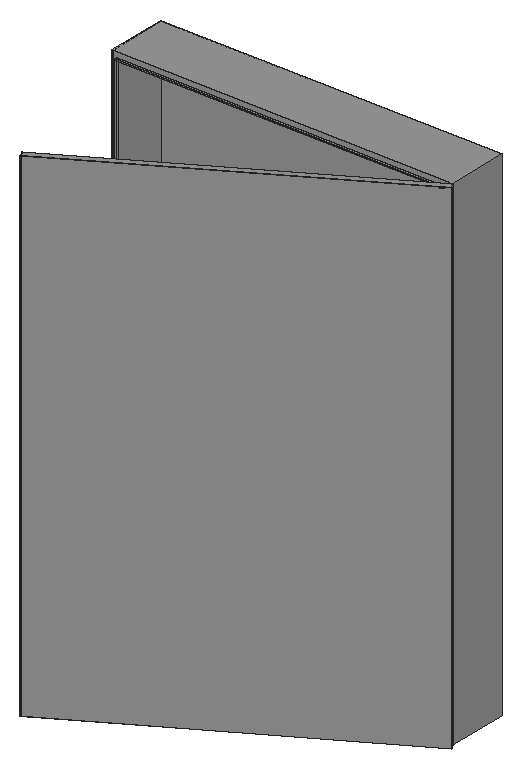
Revit family "Hager-Univers-IP54-D205-H550-Cl.I-Encl-NoHosted-CH-de", category Equipement électrique, Revit 2020
Family settings
  Configuration du panneau = Deux colonnes, circuits au sein
  Cote de connecteur circulaire = Utiliser le diamètre
  Type d'élément = Tableau de raccordement
  Basée sur le plan de construction = Oui
  Toujours verticalement = Oui
  Couper avec des vides une fois chargée = Non
  Partagée = Non
  Point de calcul de pièce = Non
Parameters (values of type "Aufputz IP54 B1050 H1550 T205  - FP04TW2")
  Width Control [instance] = if([EF000008 - Breite] > Min Width, [EF000008 - Breite], Min Width)  # 1050 mm
  Commentaires du type = [HG000003 - Bereich]  # "Univers"
  Thickness Door [instance] = if([EF009171 - Materialstärke Tür/Deckel] > 3 mm, 3 mm, [EF009171 - Materialstärke Tür/Deckel])  # 1 mm
  Seal Frame Offset [instance] = 17 mm  # constant formula
  Plinth Visibility [instance] = [HG000027 - Sockelhöhe] > 0 mm  # no
  Min Width [instance] = 100 mm  # constant formula
  Min Depth [instance] = (2 * [EF009170 - Materialstärke Gehäuse]) + 1 mm  # 3 mm
  Min Height [instance] = 100 mm  # constant formula
  Internal Frame Depth [instance] = (Door System Depth * 0.5)  # 9 mm
  Panel Name [instance] = ""  # (empty or 0)
  Model = ""
  HG000027 - Sockelhöhe = 0 mm
  HG000026 - Stehend auf dem Boden = no
  HG000024 - Höhe des unteren Teils = 600 mm
  HG000023 - Gehäuse mit doppeltem Querschnitt = no
  HG000016 - 3D-Türsichtbarkeit [instance] = yes
  HG000015 - Sichtbarkeit der Türöffnung [instance] = no
  HG000014 - Tür rechts [instance] = yes
  HG000013 - Tür links [instance] = not([HG000014 - Tür rechts])  # no
  HG000012 - Türschwenkwinkel [instance] = 30.00°
  HG000010 - Asymmetrische Türen = no
  HG000009 - Doppelflügeligen Tür = no
  HG000006 - Unterputz = no
  HG000004 - Herstellerreferenz = "FP04TW2"
  HG000003 - Bereich = "Univers"
  HG000002 - Mit tür = yes
  Frame Offset Bottom [instance] = 10 mm  # constant formula
  Frame Offset [instance] = 15 mm  # constant formula
  EF015940 - Deckel mit Überdruckentlastung = no
  EF011959 - Schutzart (NEMA) = ""
  EF009554 - Anzahl der Öffnungen für Flanschplatten = 8
  EF009212 - Ausführung Deckel = "EV000116 - geschlossen"
  EF009171 - Materialstärke Tür/Deckel = 1 mm
  EF009170 - Materialstärke Gehäuse = 1 mm
  EF008873 - Nennstrom (In) = 400 A
  EF007800 - Geeignet für Blitzschutz = no
  EF006306 - Mit Schloss = no
  EF006244 - Transparenter Deckel/Tür = no
  EF005474 - Schutzart (IP) = "EV006419 - IP54"
  EF004464 - Art der Tür = "EV003602 - Doppel"
  EF004427 - Anzahl der Module = 480
  EF004293 - Schlagfestigkeit = "EV006815 - IK09"
  EF003532 - Geeignet für Außengebrauch = no
  EF002950 - Breite in Teilungseinheiten = 48
  EF001613 - Funktionserhalt = "EV000494 - ohne"
  EF001596 - Werkstoff des Gehäuses = "EV000179 - Stahl"
  EF001131 - Innentiefe = 205 mm
  EF001088 - Anbaumöglichkeit = yes
  EF000437 - Anzahl der Leitungseinführungen = 8
  EF000339 - Art der Abdeckung = "EV001012 - Deckel"
  EF000266 - Anzahl der Reihen = 10
  EF000218 - Einbautiefe = 205 mm
  EF000118 - Mit Montageplatte = no
  EF000116 - RAL-Nummer = "9010"
  EF000049 - Tiefe = 205 mm
  EF000040 - Höhe = 1550 mm
  EF000008 - Breite = 1050 mm
  EF000007 - Farbe = "EV000202 - weiß"
  EF000003 - Montageart = "EV000384 - Aufputz"
  Door System Leaf Tolerance [instance] = 1.5 mm  # constant formula
  Door System Depth [instance] = 18 mm  # constant formula
  Door Height [instance] = Height Control - [HG000027 - Sockelhöhe]  # 1550 mm
  Description = ""
  Default Elevation = 1219.2 mm
  Connector Offset [instance] = Height Control / 2  # 775 mm
  Fabricant = "Hager"  # constant formula
  Height Control [instance] = if([EF000040 - Höhe] > Min Height, [EF000040 - Höhe], Min Height)  # 1550 mm
  Depth Control [instance] = if([EF000049 - Tiefe] > Min Depth, [EF000049 - Tiefe], Min Depth)  # 205 mm
  Bottom Top Plate Trim [instance] = 1.5 mm  # constant formula
  Plinth height Ctrl [instance] = if([HG000027 - Sockelhöhe] > 0 mm, [HG000027 - Sockelhöhe], 12 mm)  # 12 mm
Reference planes
  plane 1 "Center (Front/Back)": y = 0
  plane 2: z = 0
  plane 3 "Center (Left/Right)": x = 0
  plane 4: y = 0
  plane 5: y = 0
  plane 6: z = 0
  plane 7: x = -525
  plane 8: x = 525
  plane 9: x = 524
  plane 10: x = -524
  plane 11: z = 0
  plane 12: z = 1
  plane 13: y = -205
  plane 14: y = -1
  plane 15: x = 0
  plane 16: y = -187
  plane 17: y = -204
  plane 18: y = -186
  plane 19: x = -509
  plane 20: x = 509
  plane 21: z = 11
  plane 22: x = -508
  plane 23: x = 508
  plane 24: z = 0
  plane 25: z = 1550
  plane 26: z = 1550
  plane 27: z = 1534
  plane 28: z = 1549
Forms (mm)
  Extrusion 1, solid, material "Hager_Steel_RAL7035_Light_Grey", detail levels medium+fine
    sketch origin (-208.679, -4572, 0) x (-1, 0, 0) y (0, -1, 0)
      loop
        line (316.321, -4385) -> (-733.679, -4385) -> (-733.679, -4572) -> (316.321, -4572) -> (316.321, -4385)
    from 0 to 1550
  Extrusion 2, void
    sketch origin (-350.771, -205, 1219.2) x (1, 0, 0) y (0, 0, 1)
      loop
        line (-173.229, 329.8) -> (-173.229, -1218.2) -> (874.771, -1218.2) -> (874.771, 329.8) -> (-173.229, 329.8)
    from -19 to -204
  Extrusion 3, void
    sketch origin (-290.084, -187, 1219.2) x (1, 0, 0) y (0, 0, 1)
      loop
        line (-218.916, -1208.2) -> (799.084, -1208.2) -> (799.084, 314.8) -> (-218.916, 314.8) -> (-218.916, -1208.2)
    from 0 to -1
  Extrusion 4, solid, material "Hager_Steel_RAL7035_Light_Grey", visible <- "Plinth Visibility", detail levels medium+fine
    sketch origin (0, 0, 0) x (1, 0, 0) y (0, 1, 0)
      loop
        line (-525, 0) -> (-525, -187) -> (525, -187) -> (525, 0) -> (-525, 0)
    from 0 to 12 <- "Plinth height Ctrl"
  Extrusion 5, solid, material "Hager_Steel_RAL7035_Light_Grey", detail levels coarse
    sketch origin (0, 0, 0) x (1, 0, 0) y (0, 1, 0)
      loop
        line (-525, 0) -> (-525, -205) -> (525, -205) -> (525, 0) -> (-525, 0)
    from 0 to 1550 <- "Height Control"
  Sweep 6, void
    path in 3D
      loop
        line (-525, -187, 12) -> (525, -187, 12) -> (525, 0, 12) -> (-525, 0, 12) -> (-525, -187, 12)
    profile origin (-525, -93.5, 12) x (1, 0, 0) y (0, 0, 1)
      loop
        line (0, 0) -> (0, -1.5) -> (1.5, -1.5)
        arc (1.5, -1.5) -> (1.061, -0.439) -> (0, 0) r 1.5
  Extrusion 7, solid, material "Hager_Steel_RAL7035_Light_Grey", detail levels fine
    sketch origin (-525, -187, 0) x (1, 0, 0) y (0, 0, 1)
      loop
        line (16, 11) -> (1034, 11) -> (1034, 1534) -> (16, 1534) -> (16, 11)
      loop
        line (15, 10) -> (1035, 10) -> (1035, 1535) -> (15, 1535) -> (15, 10)
    from 0 to 9 <- "Internal Frame Depth"
Cuts and joins
  Extrusion 2, Extrusion 3 cuts Extrusion 1
  Sweep 6 cuts Extrusion 4
Lines and regions (mm)
  Masking region 1
    outline origin (0, 0, 0) x (1, 0, 0) y (0, 1, 0)
      loop
        line (-525, 0) -> (-525, -205) -> (525, -205) -> (525, 0) -> (-525, 0)
  Masking region 2, detail levels coarse
    outline origin (-290.084, -187, 1219.2) x (-1, 0, 0) y (0, 0, 1)
      loop
        line (-815.084, -1219.2) -> (234.916, -1219.2) -> (234.916, 330.8) -> (-815.084, 330.8) -> (-815.084, -1219.2)
  Masking region 3, detail levels coarse
    outline origin (0, 0, 0) x (0, 1, 0) y (0, 0, 1)
      loop
        line (0, 0) -> (0, 1550) -> (-205, 1550) -> (-205, 0) -> (0, 0)
  Masking region 4, visible <- "Plinth Visibility", detail levels medium+fine
    outline origin (0, 0, 0) x (0, 1, 0) y (0, 0, 1)
      loop
        line (-1.5, 12) -> (-185.5, 12)
        arc (-185.5, 12) -> (-185.939, 10.939) -> (-187, 10.5) r 1.5
        line (-187, 10.5) -> (-187, 0) -> (0, 0) -> (0, 10.5)
        arc (0, 10.5) -> (-1.061, 10.939) -> (-1.5, 12) r 1.5
  Masking region 5, detail levels medium+fine
    outline origin (0, 0, 594.038) x (0, 1, 0) y (0, 0, 1)
      loop
        line (0, -594.038) -> (0, 955.962) -> (-187, 955.962) -> (-187, -594.038) -> (0, -594.038)
  Masking region 6, detail levels medium+fine
    outline origin (-359.7, -187, 1211.883) x (-1, 0, 0) y (0, 0, 1)
      loop
        line (-884.7, -1211.883) -> (165.3, -1211.883) -> (165.3, 338.117) -> (-884.7, 338.117) -> (-884.7, -1211.883)
  Masking region 7, visible <- "Plinth Visibility", detail levels medium+fine
    outline origin (-320.334, -187, 1041.368) x (-1, 0, 0) y (0, 0, 1)
      loop
        line (-845.334, -1041.368) -> (204.666, -1041.368) -> (204.666, -1030.868)
        arc (204.666, -1030.868) -> (203.606, -1030.429) -> (203.166, -1029.368) r 1.5
        line (203.166, -1029.368) -> (-843.834, -1029.368)
        arc (-843.834, -1029.368) -> (-844.273, -1030.429) -> (-845.334, -1030.868) r 1.5
        line (-845.334, -1030.868) -> (-845.334, -1041.368)
  sketch lines
    curve 1: line (-525, 0, 12) -> (-525, -187, 12)
    curve 2: line (-525, -187, 12) -> (525, -187, 12)
    curve 3: line (525, 0, 12) -> (-525, 0, 12)
    curve 4: line (525, -187, 12) -> (525, 0, 12)
Dimensions and locks
  locked: plane 1 "Center (Front/Back)" to plane 5
  "EF009170 - Materialstärke Gehäuse": plane 7 to plane 10
  "EF009170 - Materialstärke Gehäuse": plane 8 to plane 9
  equal spacing: plane 7, plane 3 "Center (Left/Right)", plane 8
  "Width Control": plane 7 to plane 8
  "Depth Control": plane 4 to plane 13
  "EF009170 - Materialstärke Gehäuse": plane 4 to plane 14
  "Height Control": plane 25 to level
  "HG000027 - Sockelhöhe": plane 11 to level
  "EF009170 - Materialstärke Gehäuse": plane 12 to plane 11
  "EF009170 - Materialstärke Gehäuse": plane 17 to plane 13
  "EF009170 - Materialstärke Gehäuse": plane 18 to plane 16
  "Frame Offset Bottom": plane 21 to plane 12
  "Frame Offset": plane 10 to plane 19
  "Frame Offset": plane 9 to plane 20
  "Door System Depth": plane 16 to plane 13
  "Seal Frame Offset": plane 7 to plane 22
  "Seal Frame Offset": plane 8 to plane 23
  "EF009170 - Materialstärke Gehäuse": plane 26 to plane 28
  "Frame Offset": plane 28 to plane 27
  "Connector Offset": plane 2 to connector elem
  "Bottom Top Plate Trim": profile plane to Sweep 6 sketch curve
  "Bottom Top Plate Trim": Sweep 6 sketch curve to Sweep 6 sketch curve
  "Plinth height Ctrl": Masking region 4 sketch curve to level
  "Plinth height Ctrl": Masking region 7 sketch curve to level
  "Thickness Door": Extrusion 7 sketch curve to Extrusion 7 sketch curve  (x4)
  "Bottom Top Plate Trim": radius of Sweep 6 sketch curve
  "Bottom Top Plate Trim": radius of Masking region 4 sketch curve  (x2)
  "Bottom Top Plate Trim": radius of Masking region 7 sketch curve  (x2)
  aligned and locked: Extrusion 2 sketch curve to plane 12
  aligned and locked: Extrusion 2 sketch curve to plane 9
  aligned and locked: Extrusion 2 sketch curve to plane 10
  aligned and locked: Extrusion 2 to plane 14
  aligned and locked: Extrusion 1 sketch curve to plane 4
  aligned and locked: plane 8 to Extrusion 1 sketch curve
  aligned and locked: plane 7 to Extrusion 1 sketch curve
  aligned and locked: Extrusion 2 to plane 18
  aligned and locked: Extrusion 3 sketch curve to plane 19
  aligned and locked: plane 20 to Extrusion 3 sketch curve
  aligned and locked: Extrusion 3 to Extrusion 2
  aligned and locked: Extrusion 3 sketch curve to plane 21
  aligned and locked: plane 3 "Center (Left/Right)" to nested 1
  aligned and locked: Extrusion 1 sketch curve to plane 16
  aligned and locked: Extrusion 4 sketch curve to cut or joined group of Extrusion 1, Extrusion 2, Extrusion 3
  aligned and locked: Masking region 1 sketch curve to plane 7
  aligned and locked: Masking region 1 sketch curve to plane 5
  aligned and locked: Masking region 1 sketch curve to plane 8
  aligned and locked: Masking region 2 sketch curve to level
  aligned and locked: level to Masking region 3 sketch curve
  aligned and locked: plane 1 "Center (Front/Back)" to Masking region 3 sketch curve
  aligned and locked: plane 13 to Masking region 3 sketch curve
  aligned and locked: plane 5 to Masking region 4 sketch curve
  aligned and locked: Masking region 2 sketch curve to plane 8
  aligned and locked: Masking region 2 sketch curve to plane 7
  aligned and locked: plane 7 to nested 2
  aligned and locked: nested 2 to plane 5
  aligned and locked: plane 5 to Masking region 5 sketch curve
  aligned and locked: plane 26 to Masking region 5 sketch curve
  aligned and locked: Extrusion 5 sketch curve to plane 8
  aligned and locked: Extrusion 5 sketch curve to plane 7
  aligned and locked: Extrusion 5 sketch curve to plane 5
  aligned and locked: Extrusion 3 sketch curve to plane 27
  aligned and locked: Extrusion 2 sketch curve to plane 28
  aligned and locked: Masking region 2 to plane 25
  aligned and locked: Extrusion 4 to plane 16
  aligned and locked: profile plane to Sweep 6 sketch curve
  aligned and locked: Masking region 5 sketch curve to plane 24
  aligned and locked: level to Masking region 4 sketch curve
  aligned and locked: Masking region 1 to plane 13
  aligned and locked: nested 1 to plane 16
  aligned and locked: Masking region 3 to plane 25
  aligned and locked: plane 16 to Masking region 4 sketch curve
  aligned and locked: Masking region 5 sketch curve to plane 16
  aligned and locked: plane 24 to plane 11
  aligned and locked: plane 26 to plane 25
  aligned and locked: plane 26 to cut or joined group of Extrusion 1, Extrusion 2, Extrusion 3
  aligned and locked: nested 1 to plane 24
  aligned and locked: Extrusion 1 to Extrusion 3
  aligned and locked: Masking region 6 sketch curve to plane 8
  aligned and locked: Masking region 6 sketch curve to plane 24
  aligned and locked: Masking region 6 sketch curve to plane 7
  aligned and locked: Masking region 6 sketch curve to plane 26
  aligned and locked: Masking region 7 sketch curve to plane 7
  aligned and locked: level to Masking region 7 sketch curve
  aligned and locked: Masking region 7 sketch curve to plane 8
  aligned and locked: Extrusion 7 sketch curve to cut or joined group of Extrusion 1, Extrusion 2, Extrusion 3  (x4)
Automatic sketch dimensions
  plane 19 to Extrusion 3 sketch curve = 0 mm
  Extrusion 3 sketch curve to plane 20 = 0 mm
  Extrusion 3 sketch curve to plane 21 = 0 mm
  Extrusion 4 sketch curve to plane 7 = 0 mm
  Extrusion 4 sketch curve to plane 8 = 0 mm
  Extrusion 4 sketch curve to plane 16 = 0 mm
  Masking region 1 sketch curve to plane 13 = 0 mm
  Masking region 2 sketch curve to plane 25 = 0 mm
  Masking region 3 sketch curve to plane 25 = 0 mm
  Extrusion 5 sketch curve to plane 13 = 0 mm
  profile plane to Sweep 6 sketch curve = 0 mm
Nested families
  nested 1: "EC000058_Univers_Door" at (0, -187, 0), Double <- "HG000009 - Doppelflügeligen Tür", Transparent <- "EF006244 - Transparenter Deckel/Tür", Angle <- "HG000012 - Türschwenkwinkel", Door_Right <- "HG000014 - Tür rechts", Assymetrical <- "HG000010 - Asymmetrische Türen", Door <- "HG000002 - Mit tür", Width_Ctrl <- "Width Control", 3d_Door <- "HG000016 - 3D-Türsichtbarkeit", Clearance <- "HG000015 - Sichtbarkeit der Türöffnung", Door_Left <- "HG000013 - Tür links", Width <- "Width Control", Door_Depth <- "Door System Depth", Leaf_Tolerance <- "Door System Leaf Tolerance", Height <- "Door Height", Lock_Visibility <- "EF006306 - Mit Schloss", Thickness <- "Thickness Door", type "EC000058_Univers_Door", detail levels medium+fine
    with min_wh 3 mm, Width_Ctrl 1050 mm, Width 1050 mm, Transparent no, Thickness 1 mm, Seal_Material Hager_Rubber, Lock_Visibility no, Lock_Material Hager_Plastic_RAL9005_Jet_Black, Leaf_Width 1050 mm, Leaf_Tolerance_External_Sides 0 mm, Leaf_Tolerance 1.5 mm, Leaf_Offset 0 mm, Leaf_Height 1547 mm, Leaf_2_Width 1050 mm, Leaf_2_Offset 525 mm, Leaf_1_Width 1050 mm, Leaf_1_Offset 525 mm, Height_Ctrl 1550 mm, Height 1550 mm, Glass_Material Hager_Glass, Double_Clearance_Ctrl no, Double no, Door_Right_Ctrl yes, Door_Right yes, Door_Material Hager_Steel_RAL7035_Light_Grey, Door_Left_Ctrl no, Door_Left no, Door_Depth 18 mm, Door yes, Clearance_Material Hager_Clearance, Clearance_Depth 1050 mm, Clearance_Ctrl no, Clearance no, Assymetrical no, Angle 30.00°, 3d_Door yes
  nested 2: "Hager_Enclosure_Symbol" at (-525, 0, 0), Height <- "Depth Control", Width <- "Width Control", type "Hager_Enclosure_Symbol"
    with Width_Ctrl 1050 mm, Width 1050 mm, Height_Ctrl 205 mm, Height 205 mm, A_Width_Int 13.453 mm, A_Width 161.438 mm, A_Height_Ctrl 179.375 mm, A_Height 179.375 mm
Connectors
  electrical at (0, 0, 775)
    settings: on plane 1 "Center (Front/Back)", index 1, voltage 0 V, apparent load 0 VA, apparent load phase1 0 VA, apparent load phase2 0 VA, apparent load phase3 0 VA, power factor 1, load classification "Other", number of poles 1, system type 30, power factor state 1, is connector primary yes, connector utility no, sub classification motor no, connector description ""
Definition of nested family "EC000058_Univers_Door"
  Parameters (values of type "EC000058_Univers_Door")
    min_wh [instance] = (2 * Thickness) + 1 mm  # 11 mm
    Width_Ctrl [instance] = 400 mm
    Width [instance] = 500 mm
    Transparent [instance] = yes
    Thickness [instance] = 5 mm
    Seal_Material [instance] = none
    Lock_Visibility [instance] = yes
    Lock_Material [instance] = none
    Leaf_Width [instance] = if((Width_Ctrl - 2 * Leaf_Tolerance_External_Sides) > 0 mm, (Width_Ctrl - 2 * Leaf_Tolerance_External_Sides), min_wh)  # 400 mm
    Leaf_Tolerance_External_Sides [instance] = 0 mm  # constant formula
    Leaf_Tolerance [instance] = 1.5 mm
    Leaf_Offset [instance] = 0 mm  # constant formula
    Leaf_Height [instance] = if((Height_Ctrl - 2 * Leaf_Tolerance) > 0 mm, (Height_Ctrl - 2 * Leaf_Tolerance), min_wh)  # 497 mm
    Leaf_2_Width [instance] = if(and(and(Double, Assymetrical), Door_Left), (Leaf_Width / 3) - (Leaf_Tolerance / 2), if(and(and(Double, Assymetrical), Door_Right), (Leaf_Width / 3) * 2 - (Leaf_Tolerance / 2), if(and(Double, not(Assymetrical)), (Leaf_Width / 2) - Leaf_Tolerance, Leaf_Width)))  # 400 mm
    Leaf_2_Offset [instance] = if(and(Double, Assymetrical), Leaf_2_Width / 2, if(and(Double, not(Assymetrical)), Leaf_Width / 4, Leaf_Width / 2))  # 200 mm
    Leaf_1_Width [instance] = if(and(and(Double, Assymetrical), Door_Right), (Leaf_Width / 3) - (Leaf_Tolerance / 2), if(and(and(Double, Assymetrical), Door_Left), (Width / 3) * 2 - (Leaf_Tolerance / 2), if(and(Double, not(Assymetrical)), (Leaf_Width / 2) - Leaf_Tolerance, Leaf_Width)))  # 400 mm
    Leaf_1_Offset [instance] = if(and(Double, Assymetrical), Leaf_1_Width / 2, if(and(Double, not(Assymetrical)), Leaf_Width / 4, Leaf_Width / 2))  # 200 mm
    Height_Ctrl [instance] = if(Height > min_wh, Height, min_wh)  # 500 mm
    Height [instance] = 500 mm
    Glass_Material [instance] = none
    Double_Clearance_Ctrl [instance] = and(Double, Clearance)  # no
    Double [instance] = no
    Door_Right_Ctrl [instance] = and(or(Door_Right, Double), Door)  # yes
    Door_Right [instance] = yes
    Door_Material [instance] = none
    Door_Left_Ctrl [instance] = and(or(Door_Left, Double), Door)  # no
    Door_Left [instance] = no
    Door_Depth [instance] = 30 mm
    Door [instance] = yes
    Default Elevation = 1219.2 mm
    Clearance_Material [instance] = none
    Clearance_Depth [instance] = if(Leaf_1_Width > Leaf_2_Width, Leaf_1_Width, Leaf_2_Width)  # 400 mm
    Clearance_Ctrl [instance] = and(not(Double), Clearance)  # yes
    Clearance [instance] = yes
    Assymetrical [instance] = yes
    Angle [instance] = 30.00°
    3d_Door [instance] = yes
  Reference planes
    plane 1 "Center (Front/Back)": y = 0
    plane 2 "Bottom": z = 0
    plane 3 "Center (Left/Right)": x = 0
    plane 4: z = 500
    plane 5: x = -200
    plane 6: x = 200
    plane 7: z = 500
    plane 8: x = -200
    plane 9: z = 0
    plane 10: x = 200
    plane 11: y = 0
    plane 12: z = 1.5
    plane 13: x = -600
    plane 14: y = -400
    plane 15: x = 600
    plane 16: x = 0
    plane 17: x = 0
    plane 18: x = -200
    plane 19: x = 200
    plane 20: z = 498.5
  Forms (mm)
    Extrusion 1, solid, material <- "Clearance_Material", visible <- "Double_Clearance_Ctrl"
      sketch origin (1200, 0, 0) x (1, 0, 0) y (0, 0, -1)
        loop
          line (-1800, -498.5) -> (-600, -498.5) -> (-600, 0) -> (-1800, 0) -> (-1800, -498.5)
      from 0 to -400
  Dimensions and locks
    equal spacing: plane 5, plane 3 "Center (Left/Right)", plane 6
    "Width_Ctrl": plane 5 to plane 6
    "Leaf_Offset": plane 5 to plane 8
    "Leaf_Offset": plane 6 to plane 10
    "Leaf_Offset": plane 9 to level
    "Leaf_Offset": plane 4 to plane 7
    "Height_Ctrl": plane 4 to level
    "Leaf_Tolerance": plane 12 to plane 9
    locked: plane 11 to plane 1 "Center (Front/Back)"
    "Leaf_1_Offset": plane 18 to plane 16
    "Leaf_2_Offset": plane 17 to plane 19
    "Leaf_1_Width": plane 13 to plane 8
    "Leaf_2_Width": plane 10 to plane 15
    "Clearance_Depth": plane 14 to plane 1 "Center (Front/Back)"
    "Leaf_Tolerance_External_Sides": plane 8 to plane 18
    "Leaf_Tolerance_External_Sides": plane 19 to plane 10
    "Leaf_Tolerance": plane 7 to plane 20
    aligned and locked: level to plane 2 "Bottom"
    aligned and locked: nested 1 to plane 16
    aligned and locked: nested 2 to plane 17
    aligned and locked: Extrusion 1 to plane 13
    aligned and locked: plane 15 to Extrusion 1
    aligned and locked: Extrusion 1 to plane 14
    aligned and locked: plane 12 to nested 1
    aligned and locked: nested 2 to plane 12
    aligned and locked: Extrusion 1 to plane 11
    aligned and locked: plane 20 to Extrusion 1
    aligned and locked: nested 2 to plane 11
    aligned and locked: nested 1 to plane 11
  Automatic sketch dimensions
    Extrusion 1 sketch curve to level = 0 mm
    plane 5 to Extrusion 1 sketch curve = 400 mm
    plane 6 to Extrusion 1 sketch curve = 400 mm
    Extrusion 1 sketch curve to plane 4 = 1.5 mm
  Nested families
    nested 1: "EC000058_Univers_Door_Leaf" at (0, 0, 1.5), Width <- "Leaf_1_Width", visible <- "Door_Left_Ctrl", Leaf_Height <- "Leaf_Height", Angle <- "Angle", 3d_Door <- "3d_Door", Transparent <- "Transparent", Clearance Material <- "Clearance_Material", Clearance <- "Clearance_Ctrl", Door_Material <- "Door_Material", Glass_Material <- "Glass_Material", Door_Depth <- "Door_Depth", Lock_Material <- "Lock_Material", Seal_Material <- "Seal_Material", Lock_Visibility <- "Lock_Visibility", Thickness <- "Thickness", type "EC000058_Univers_Door_Leaf"
      with Width 400 mm, Transparent_Glass_Offset 30 mm, Transparent_Ctrl yes, Transparent yes, Thickness 5 mm, Standard no, Seal_Material none, Seal_D2 8 mm, Seal_D1 1 mm, Offset_Internal_Frame 10 mm, Lock_Width 20 mm, Lock_Visibility_3d yes, Lock_Visibility yes, Lock_Thickness_3 3 mm, Lock_Thickness_2 1 mm, Lock_Thickness_1 3 mm, Lock_Radius_Offset_2 16 mm, Lock_Radius_Offset_1 15 mm, Lock_Radius_2 5 mm, Lock_Radius 6 mm, Lock_Offset 5 mm, Lock_Material none, Lock_Height 80 mm, Lock_Cover_Top_Offset_2d 17 mm, Lock_Cover_Height -65 mm, Leaf_Height 497 mm, Internal_Seal_Thickness 8 mm, Internal_Seal_Depth_2 4.5 mm, Internal_Frame_Depth 25 mm, Glass_Thickness -1 mm, Glass_Offset -2 mm, Glass_Material none, Door_Material none, Door_Depth 30 mm, Clearance Material none, Clearance yes, Angle_Ctrl 30.00°, Angle 30.00°, 3d_Door yes
    nested 2: "EC000058_Univers_Door_Leaf" at (0, 0, 1.5) x (-1, 0, 0) z (0, 0, 1), Width <- "Leaf_2_Width", visible <- "Door_Right_Ctrl", Leaf_Height <- "Leaf_Height", Angle <- "Angle", 3d_Door <- "3d_Door", Transparent <- "Transparent", Clearance Material <- "Clearance_Material", Clearance <- "Clearance_Ctrl", Door_Material <- "Door_Material", Glass_Material <- "Glass_Material", Door_Depth <- "Door_Depth", Lock_Material <- "Lock_Material", Seal_Material <- "Seal_Material", Lock_Visibility <- "Lock_Visibility", Thickness <- "Thickness", type "EC000058_Univers_Door_Leaf"
      with Width 400 mm, Transparent_Glass_Offset 30 mm, Transparent_Ctrl yes, Transparent yes, Thickness 5 mm, Standard no, Seal_Material none, Seal_D2 8 mm, Seal_D1 1 mm, Offset_Internal_Frame 10 mm, Lock_Width 20 mm, Lock_Visibility_3d yes, Lock_Visibility yes, Lock_Thickness_3 3 mm, Lock_Thickness_2 1 mm, Lock_Thickness_1 3 mm, Lock_Radius_Offset_2 16 mm, Lock_Radius_Offset_1 15 mm, Lock_Radius_2 5 mm, Lock_Radius 6 mm, Lock_Offset 5 mm, Lock_Material none, Lock_Height 80 mm, Lock_Cover_Top_Offset_2d 17 mm, Lock_Cover_Height -65 mm, Leaf_Height 497 mm, Internal_Seal_Thickness 8 mm, Internal_Seal_Depth_2 4.5 mm, Internal_Frame_Depth 25 mm, Glass_Thickness -1 mm, Glass_Offset -2 mm, Glass_Material none, Door_Material none, Door_Depth 30 mm, Clearance Material none, Clearance yes, Angle_Ctrl 30.00°, Angle 30.00°, 3d_Door yes
  Definition of nested family "EC000058_Univers_Door_Leaf"
    Parameters (values of type "EC000058_Univers_Door_Leaf")
      Width [instance] = 2000 mm
      Transparent_Glass_Offset [instance] = 30 mm
      Transparent_Ctrl [instance] = and(Transparent, [3d_Door])  # yes
      Transparent [instance] = yes
      Thickness [instance] = 5 mm
      Standard [instance] = and(not(Transparent), [3d_Door])  # no
      Seal_Material [instance] = none
      Seal_D2 [instance] = 8 mm  # constant formula
      Seal_D1 [instance] = 1 mm  # constant formula
      Offset_Internal_Frame [instance] = 10 mm  # constant formula
      Lock_Width [instance] = 20 mm  # constant formula
      Lock_Visibility_3d [instance] = and(Lock_Visibility, [3d_Door])  # yes
      Lock_Visibility [instance] = yes
      Lock_Thickness_3 [instance] = 3 mm  # constant formula
      Lock_Thickness_2 [instance] = 1 mm  # constant formula
      Lock_Thickness_1 [instance] = 3 mm  # constant formula
      Lock_Radius_Offset_2 [instance] = Lock_Radius_Offset_1 + 1 mm  # 16 mm
      Lock_Radius_Offset_1 [instance] = 15 mm  # constant formula
      Lock_Radius_2 [instance] = Lock_Radius - 1 mm  # 5 mm
      Lock_Radius [instance] = 6 mm  # constant formula
      Lock_Offset [instance] = 5 mm  # constant formula
      Lock_Material [instance] = none
      Lock_Height [instance] = 80 mm  # constant formula
      Lock_Cover_Top_Offset_2d [instance] = Lock_Radius_Offset_2 + 1 mm  # 17 mm
      Lock_Cover_Height [instance] = -(Lock_Height - Lock_Radius_Offset_1)  # -65 mm
      Leaf_Height [instance] = 2720.336 mm
      Internal_Seal_Thickness [instance] = 8 mm  # constant formula
      Internal_Seal_Depth_2 [instance] = 4.5 mm  # constant formula
      Internal_Frame_Depth [instance] = if(Door_Depth - Thickness > 5 mm, Door_Depth - Thickness, 5 mm)  # 25 mm
      Glass_Thickness [instance] = if(Thickness > 15 mm, Glass_Offset + 10 mm, -1 mm)  # -1 mm
      Glass_Offset [instance] = if(Thickness > 15 mm, -(Thickness + 10 mm) / 2, -2 mm)  # -2 mm
      Glass_Material [instance] = none
      Door_Material [instance] = none
      Door_Depth [instance] = 30 mm
      Default Elevation = 0 mm
      Clearance Material [instance] = none
      Clearance [instance] = yes
      Angle_Ctrl [instance] = if(Angle > 180.00°, 180.00°, Angle)  # 90.00°
      Angle [instance] = 90.00°
      3d_Door [instance] = yes
    Reference planes
      plane 1 "Center (Front/Back)": y = 0
      plane 2: z = 0
      plane 3 "Center (Left/Right)": x = 0
      plane 4: y = 2000
      plane 5: x = -1000
      plane 6: x = 1000
      plane 7: x = -3000
      plane 8: z = 2720.336
      plane 9: z = 30
      plane 10: z = 2690.336
      plane 11: x = 970
      plane 12: x = -970
      plane 13: y = -3
      plane 14: z = 107.833
      plane 15: y = -5
      plane 16: y = -223.314
      plane 17: x = -1000
      plane 18: z = 1360.168
      plane 19: y = 30
    Forms (mm)
      Extrusion 1, solid, material <- "Clearance Material", visible <- "Clearance"
        sketch origin (0, 0, 0) x (1, 0, 0) y (0, 0, 1)
          loop
            line (-3000, 2720.336) -> (-3000, 0) -> (1000, 0) -> (1000, 2720.336) -> (-3000, 2720.336)
        from 0 to -2000
      Extrusion 2, solid, material <- "Door_Material", visible <- "Standard", detail levels medium+fine
        sketch origin (-1000, 0, 0) x (0, 1, 0) y (-1, 0, 0)
          loop
            line (0, 30) -> (0, 25) -> (2000, 25) -> (2000, 30) -> (0, 30)
        from 0 to 2720.336 <- "Leaf_Height"
      Extrusion 3, solid, material <- "Door_Material", visible <- "Transparent_Ctrl", detail levels medium+fine
        sketch origin (-1000, 0, 0) x (0, 1, 0) y (-1, 0, 0)
          loop
            line (0, 25) -> (2000, 25) -> (2000, 30) -> (0, 30) -> (0, 25)
        from 0 to 2720.336 <- "Leaf_Height"
      Extrusion 4, void
        sketch origin (-1025, 2000, 0) x (0, 1, 0) y (0, 0, -1)
          loop
            line (-30, -2690.336) -> (-30, -30) -> (-1970, -30) -> (-1970, -2690.336) -> (-30, -2690.336)
        from 0 to 5 <- "Thickness"
      Sweep 5, solid, material <- "Seal_Material", visible <- "Transparent_Ctrl", detail levels fine
        path in 3D
          loop
            line (-1025, 30, 30) -> (-1025, 30, 2690.336) -> (-1025, 1970, 2690.336) -> (-1025, 1970, 30) -> (-1025, 30, 30)
        profile origin (-1025, 1000, 30) x (1, 0, 0) y (0, 0, 1)
          loop
            line (0, 0) -> (0, -8) -> (1, -8) -> (1, 0) -> (0, 0)
      Extrusion 6, solid, material <- "Glass_Material", visible <- "Transparent_Ctrl", detail levels medium+fine
        sketch origin (-1030, 0, 0) x (0, 1, 0) y (0, 0, -1)
          loop
            line (1970, -2690.336) -> (1970, -30) -> (30, -30) -> (30, -2690.336) -> (1970, -2690.336)
        from -2 <- "Glass_Offset" to -1 <- "Glass_Thickness"
      Extrusion 7, solid, material <- "Door_Material", visible <- "3d_Door", detail levels medium+fine
        sketch origin (-1025, 2000, 0) x (0, -1, 0) y (0, 0, -1)
          loop
            line (0, -2720.336) -> (2000, -2720.336) -> (2000, 0) -> (0, 0) -> (0, -2720.336)
          loop
            line (1995, -5) -> (5, -5) -> (5, -2715.336) -> (1995, -2715.336) -> (1995, -5)
        from 0 to 25 <- "Internal_Frame_Depth"
      Sweep 8, solid, material <- "Seal_Material", visible <- "Transparent_Ctrl", detail levels fine
        path in 3D
          loop
            line (-1025, 0, 0) -> (-1025, 2000, 0) -> (-1025, 2000, 2720.336) -> (-1025, 0, 2720.336) -> (-1025, 0, 0)
        profile origin (-1025, 0, 1360.168) x (1, 0, 0) y (0, 1, 0)
          loop
            line (0, 10) -> (2.975, 10)
            arc (2.975, 10) -> (4.053, 10.447) -> (4.5, 11.525) r 1.525
            line (4.5, 11.525) -> (4.5, 16.527)
            arc (4.5, 16.527) -> (4.069, 17.569) -> (3.027, 18) r 1.473
            line (3.027, 18) -> (0, 18) -> (0, 10)
      Extrusion 9, solid, material <- "Lock_Material", visible <- "Lock_Visibility_3d", detail levels fine
        sketch origin (-1030, 0, 0) x (0, 1, 0) y (0, 0, -1)
          loop
            arc (1993.5, -1400.168) -> (1994.561, -1399.729) -> (1995, -1398.668) r 1.5
            line (1995, -1398.668) -> (1995, -1320.168) -> (1975, -1320.168) -> (1975, -1398.668)
            arc (1975, -1398.668) -> (1975.439, -1399.729) -> (1976.5, -1400.168) r 1.5
            line (1976.5, -1400.168) -> (1993.5, -1400.168)
        from 3 <- "Lock_Thickness_1" to 0
      Blend 10, solid, material <- "Lock_Material", visible <- "Lock_Visibility_3d", detail levels fine
        base sketch origin (-1033, 0, 0) x (0, 1, 0) y (0, 0, -1)
          loop
            line (1975, -1320.168) -> (1975, -1398.668)
            arc (1975, -1398.668) -> (1975.439, -1399.729) -> (1976.5, -1400.168) r 1.5
            line (1976.5, -1400.168) -> (1993.5, -1400.168)
            arc (1993.5, -1400.168) -> (1994.561, -1399.729) -> (1995, -1398.668) r 1.5
            line (1995, -1398.668) -> (1995, -1320.168) -> (1975, -1320.168)
        top sketch origin (-1033, 0, 0) x (0, 1, 0) y (0, 0, -1)
          loop
            line (1976, -1320.168) -> (1976, -1398.668)
            arc (1976, -1398.668) -> (1976.146, -1399.022) -> (1976.5, -1399.168) r 0.5
            line (1976.5, -1399.168) -> (1993.5, -1399.168)
            arc (1993.5, -1399.168) -> (1993.854, -1399.022) -> (1994, -1398.668) r 0.5
            line (1994, -1398.668) -> (1994, -1320.168) -> (1976, -1320.168)
        from 0 to 1 <- "Lock_Thickness_2"
      Blend 11, solid, material <- "Lock_Material", visible <- "Lock_Visibility_3d", detail levels fine
        base sketch origin (-1034, 0, 0) x (0, 1, 0) y (0, 0, -1)
          loop
            line (1978, -1320.168) -> (1978, -1384.168)
            arc (1978, -1384.168) -> (1985, -1391.168) -> (1992, -1384.168) r 7
            line (1992, -1384.168) -> (1992, -1320.168) -> (1978, -1320.168)
        top sketch origin (-1034, 0, 0) x (0, 1, 0) y (0, 0, -1)
          loop
            line (1991, -1320.168) -> (1979, -1320.168) -> (1979, -1383.168)
            arc (1979, -1383.168) -> (1985, -1389.168) -> (1991, -1383.168) r 6
            line (1991, -1383.168) -> (1991, -1320.168)
        from 0 to 3 <- "Lock_Thickness_3"
      Extrusion 12, solid, material <- "Lock_Material", visible <- "Lock_Visibility_3d", detail levels fine
        sketch origin (-1030, 1975, 1320.168) x (1, 0, 0) y (0, -1, 0)
          loop
            line (-7, -19) -> (-7, -1) -> (0, -1) -> (0, 0) -> (-8, 0) -> (-8, -20) -> (0, -20) -> (0, -19) -> (-7, -19)
        from 0 to -65 <- "Lock_Cover_Height"
      Extrusion 13, void
        sketch origin (-1038, 1995, 1320.168) x (-1, 0, 0) y (0, 0, -1)
          loop
            line (-5, -65) -> (0, -65) -> (-5, -60) -> (-5, -65)
        from 0 to 20 <- "Lock_Width"
      Extrusion 14, void
        sketch origin (-1038, 1975, 1320.168) x (0, -1, 0) y (0, 0, -1)
          loop
            circle (-10, -15.995) r 6
          loop
            circle (-10, -15.995) r 5
        from 0 to 2
      Extrusion 15, solid, material <- "Lock_Material", visible <- "Lock_Visibility_3d", detail levels medium
        sketch origin (-1030, 0, 0) x (0, 1, 0) y (0, 0, -1)
          loop
            arc (1993.5, -1400.168) -> (1994.561, -1399.729) -> (1995, -1398.668) r 1.5
            line (1995, -1398.668) -> (1995, -1320.168) -> (1975, -1320.168) -> (1975, -1398.668)
            arc (1975, -1398.668) -> (1975.439, -1399.729) -> (1976.5, -1400.168) r 1.5
            line (1976.5, -1400.168) -> (1993.5, -1400.168)
        from 8 to 0
    Cuts and joins
      Extrusion 4 cuts Extrusion 3
      Extrusion 13, Extrusion 14 cuts Extrusion 9
      Extrusion 14 cuts Blend 11
      Extrusion 13, Extrusion 14 cuts Extrusion 12
      joined: Extrusion 9, Blend 10, Blend 11, Extrusion 12
      Extrusion 14 cuts Extrusion 15
    Lines and regions (mm)
      Masking region 1, visible <- "Lock_Visibility", detail levels fine
        outline origin (0, 0, 0) x (0, 1, 0) y (0, 0, 1)
          loop
            line (30, 1320.168) -> (33, 1320.168) -> (33, 1400.168) -> (30, 1400.168) -> (30, 1320.168)
      Masking region 2, visible <- "Lock_Visibility", detail levels fine
        outline origin (0, 3.143, 0) x (0, 1, 0) y (0, 0, 1)
          loop
            line (29.857, 1354.168) -> (30.857, 1354.168) -> (30.857, 1366.168) -> (29.857, 1366.168) -> (29.857, 1354.168)
      Masking region 3, detail levels medium+fine
        outline origin (0, 0, 0) x (0, 1, 0) y (0, 0, 1)
          loop
            line (0, 0) -> (30, 0) -> (30, 2720.336) -> (0, 2720.336) -> (0, 0)
      Masking region 4, detail levels medium+fine
        outline origin (0, 0, 0) x (1, 0, 0) y (0, 0, 1)
          loop
            line (-1000, 2720.336) -> (-1000, 0) -> (1000, 0) -> (1000, 2720.336) -> (-1000, 2720.336)
      Masking region 5, visible <- "Lock_Visibility", detail levels fine
        outline origin (-47.116, 0, 0) x (1, 0, 0) y (0, 0, 1)
          loop
            arc (1024.616, 1399.168) -> (1023.556, 1398.729) -> (1023.116, 1397.668) r 1.5
            line (1023.116, 1397.668) -> (1023.116, 1320.168) -> (1041.116, 1320.168) -> (1041.116, 1397.668)
            arc (1041.116, 1397.668) -> (1040.677, 1398.729) -> (1039.616, 1399.168) r 1.5
            line (1039.616, 1399.168) -> (1024.616, 1399.168)
      Masking region 6, visible <- "Lock_Visibility", detail levels medium+fine
        outline origin (-25, 0, 0) x (1, 0, 0) y (0, 0, 1)
          loop
            arc (1001.5, 1400.168) -> (1000.439, 1399.729) -> (1000, 1398.668) r 1.5
            line (1000, 1398.668) -> (1000, 1320.168) -> (1020, 1320.168) -> (1020, 1398.668)
            arc (1020, 1398.668) -> (1019.561, 1399.729) -> (1018.5, 1400.168) r 1.5
            line (1018.5, 1400.168) -> (1001.5, 1400.168)
      Masking region 7, visible <- "Lock_Visibility", detail levels fine
        outline origin (-73.735, 0, 0) x (1, 0, 0) y (0, 0, 1)
          loop
            line (1051.735, 1382.168) -> (1065.735, 1382.168) -> (1065.735, 1384.168)
            arc (1065.735, 1384.168) -> (1058.735, 1391.168) -> (1051.735, 1384.168) r 7
            line (1051.735, 1384.168) -> (1051.735, 1382.168)
      Masking region 8, visible <- "Lock_Visibility", detail levels fine
        outline origin (-73.735, 0, 0) x (1, 0, 0) y (0, 0, 1)
          loop
            line (1052.735, 1382.168) -> (1064.735, 1382.168) -> (1064.735, 1383.168)
            arc (1064.735, 1383.168) -> (1058.735, 1389.168) -> (1052.735, 1383.168) r 6
            line (1052.735, 1383.168) -> (1052.735, 1382.168)
      Masking region 9, visible <- "Lock_Visibility", detail levels fine
        outline origin (-25, 0, 0) x (1, 0, 0) y (0, 0, 1)
          loop
            line (1020, 1320.168) -> (1020, 1382.168) -> (1000, 1382.168) -> (1000, 1320.168) -> (1020, 1320.168)
      Masking region 10, detail levels medium+fine
        outline origin (0, 0, 0) x (1, 0, 0) y (0, 0, 1)
          loop
            circle (985, 1335.144) r 6
      Masking region 11, detail levels fine
        outline origin (0, 0, 0) x (1, 0, 0) y (0, 0, 1)
          loop
            circle (985, 1335.144) r 5
      Masking region 12, visible <- "Lock_Visibility", detail levels fine
        outline origin (0, 12.767, 0) x (0, 1, 0) y (0, 0, 1)
          loop
            line (20.233, 1320.168) -> (21.233, 1320.168) -> (21.233, 1399.168) -> (20.233, 1400.168) -> (20.233, 1320.168)
      Masking region 13, visible <- "Lock_Visibility", detail levels fine
        outline origin (0, 13.767, -10) x (0, 1, 0) y (0, 0, 1)
          loop
            line (20.233, 1330.168) -> (23.233, 1330.168) -> (23.233, 1399.168) -> (20.233, 1402.168) -> (20.233, 1330.168)
      Masking region 14, visible <- "Lock_Visibility", detail levels fine
        outline origin (0, 12.767, -10) x (0, 1, 0) y (0, 0, 1)
          loop
            line (20.233, 1330.168) -> (25.233, 1330.168) -> (25.233, 1399.305) -> (20.233, 1394.305) -> (20.233, 1330.168)
      Masking region 15, visible <- "Lock_Visibility", detail levels medium
        outline origin (0, 0, 0) x (0, 1, 0) y (0, 0, 1)
          loop
            line (30, 1320.168) -> (38, 1320.168) -> (38, 1400.168) -> (30, 1400.168) -> (30, 1320.168)
      Masking region 16, visible <- "Lock_Visibility", detail levels fine
        outline origin (-1000, 0, 0) x (0, 1, 0) y (-1, 0, 0)
          loop
            line (1975, 30) -> (1995, 30) -> (1995, 38) -> (1975, 38) -> (1975, 30)
          loop
            line (1979, 37) -> (1976, 37) -> (1976, 34) -> (1978, 34) -> (1979, 37)
          loop
            line (1994, 37) -> (1991, 37) -> (1992, 34) -> (1994, 34) -> (1994, 37)
      Masking region 17, visible <- "Lock_Visibility", detail levels medium
        outline origin (-1000, 0, 0) x (0, 1, 0) y (-1, 0, 0)
          loop
            line (1975, 30) -> (1995, 30) -> (1995, 38) -> (1975, 38) -> (1975, 30)
      symbolic lines
        curve 1: line (1000, 0, 0) -> (-3000, 0, 0)
        curve 2: arc (1000, 0, 0) -> (-1000, 2000, 0) -> (-3000, 0, 0) r 2000
        curve 4: line (-1030, 0, 0) -> (-1030, 2000, 0)
      reference lines
        curve 3: line (-1000, 0, 0) -> (-1000, 2000, 0)
      symbolic lines, detail levels medium+fine
        curve 5: line (-1030, 2000, 0) -> (-1025, 2000, 0)
        curve 7: line (-1025, 0, 0) -> (-1030, 0, 0)
        curve 8: line (-1025, 0, 0) -> (-1000, 0, 0)
        curve 9: line (-1000, 0, 0) -> (-1000, 2000, 0)
        curve 10: line (-1000, 2000, 0) -> (-1025, 2000, 0)
      symbolic lines, detail levels fine
        curve 6: line (-1025, 2000, 0) -> (-1025, 0, 0)
      sketch lines
        curve 11: line (-1025, 0, 2720.336) -> (-1025, 0, 0)
        curve 12: line (-1025, 2000, 0) -> (-1025, 0, 0)
        curve 13: line (-1025, 2000, 2720.336) -> (-1025, 2000, 0)
        curve 14: line (-1025, 0, 2720.336) -> (-1025, 2000, 2720.336)
        curve 15: line (-1025, 1970, 30) -> (-1025, 30, 30)
        curve 16: line (-1025, 30, 30) -> (-1025, 30, 2690.336)
        curve 17: line (-1025, 1970, 2690.336) -> (-1025, 1970, 30)
        curve 18: line (-1025, 30, 2690.336) -> (-1025, 1970, 2690.336)
      symbolic lines, visible <- "Transparent", detail levels medium+fine
        curve 19: line (-970, 0, 2690.336) -> (970, 0, 2690.336)
        curve 20: line (-970, 0, 30) -> (-970, 0, 2690.336)
        curve 21: line (970, 0, 30) -> (-970, 0, 30)
        curve 22: line (970, 0, 2690.336) -> (970, 0, 30)
    Dimensions and locks
      "Width": plane 1 "Center (Front/Back)" to plane 4
      equal spacing: plane 5, plane 3 "Center (Left/Right)", plane 6
      "Width": plane 5 to plane 6
      "Width": plane 7 to plane 5
      "Leaf_Height": plane 8 to level
      "Width": curve 5 to curve 3
      "Width": curve 3 to curve 3
      plane 8 to plane 10 = 30 mm
      plane 9 to level = 30 mm
      plane 12 to plane 5 = 30 mm
      plane 6 to plane 11 = 30 mm
      Extrusion 1 to Extrusion 4 sketch curve = 30 mm
      "Transparent_Glass_Offset": curve 3 to Extrusion 4 sketch curve
      "Transparent_Glass_Offset": Extrusion 4 sketch curve to cut or joined group of Extrusion 3, Extrusion 4  (x2)
      cut or joined group of Extrusion 3, Extrusion 4 to Extrusion 6 sketch curve = 30 mm
      "Transparent_Glass_Offset": cut or joined group of Extrusion 3, Extrusion 4 to Extrusion 4 sketch curve
      "Thickness": curve 6 to curve 4
      "Thickness": Extrusion 7 sketch curve to Extrusion 7 sketch curve  (x4)
      "Door_Depth": curve 4 to curve 3
      "Offset_Internal_Frame": profile plane to Sweep 8 sketch curve
      "Internal_Seal_Thickness": Sweep 8 sketch curve to Sweep 8 sketch curve
      "Internal_Seal_Depth_2": profile plane to Sweep 8 sketch curve
      "Seal_D1": profile plane to Sweep 5 sketch curve
      "Seal_D2": profile plane to Sweep 5 sketch curve
      "Thickness": Extrusion 2 sketch curve to Extrusion 2 sketch curve
      equal spacing: Extrusion 9 sketch curve, plane 18, Extrusion 9 sketch curve  (x2)
      equal spacing: Masking region 1 sketch curve, plane 18, Masking region 1 sketch curve
      "Lock_Height": Masking region 1 sketch curve to Masking region 1 sketch curve
      "Lock_Radius": Masking region 2 sketch curve to plane 18 to Masking region 2 sketch curve
      Masking region 2 sketch curve to Masking region 1 = 1 mm
      "Door_Depth": plane 19 to plane 1 "Center (Front/Back)"
      "Lock_Thickness_1": Masking region 1 sketch curve to plane 19
      "Lock_Width": Extrusion 9 sketch curve to Extrusion 9 sketch curve
      "Lock_Height": Extrusion 9 sketch curve to Extrusion 9 sketch curve
      "Lock_Offset": cut or joined group of Extrusion 3, Extrusion 4 to Extrusion 9 sketch curve
      equal spacing: plane 8, plane 18, level
      "Lock_Radius_Offset_1": Blend 11 sketch curve to Blend 10
      locked: Blend 10 to Blend 11 sketch curve at 2  (x2)
      locked: var sketch to Blend 11 sketch curve at 1  (x2)
      "Lock_Radius_Offset_2": Blend 11 sketch curve to Blend 10
      locked: Extrusion 12 sketch curve to Extrusion 12 sketch curve at 1  (x3)
      Masking region 6 sketch curve to Masking region 6 sketch curve = 80 mm
      "Lock_Height": Masking region 6 sketch curve to Masking region 6 sketch curve
      "Lock_Width": Masking region 6 sketch curve to Masking region 6 sketch curve
      locked: Masking region 6 to Masking region 5 sketch curve at 1  (x3)
      locked: Masking region 5 to Masking region 7 sketch curve at 2  (x2)
      "Lock_Radius_Offset_1": Masking region 5 to Masking region 7 sketch curve
      "Lock_Radius_Offset_2": Masking region 5 to Masking region 8 sketch curve
      locked: Masking region 7 to Masking region 8 sketch curve at 1  (x2)
      "Lock_Cover_Top_Offset_2d": Masking region 5 to Masking region 9 sketch curve
      equal spacing: Masking region 9, Masking region 10 sketch curve, Masking region 9
      equal spacing: Masking region 9, Masking region 11 sketch curve, Masking region 9
      Extrusion 15 sketch curve to Extrusion 15 sketch curve = 80 mm
      "Lock_Width": Extrusion 15 sketch curve to Extrusion 15 sketch curve
      "Lock_Height": Extrusion 15 sketch curve to Extrusion 15 sketch curve
      equal spacing: Extrusion 15 sketch curve, plane 18, Extrusion 15 sketch curve
      "Lock_Thickness_3": Masking region 13 sketch curve to Masking region 13 sketch curve
      "Lock_Height": Masking region 12 sketch curve to Masking region 12 sketch curve
      locked: Masking region 13 sketch curve to Masking region 1 at 8
      locked: Masking region 14 sketch curve to Masking region 13 at 1
      locked: Masking region 14 sketch curve to Masking region 1 at 10.863
      "Lock_Height": Masking region 15 sketch curve to Masking region 15 sketch curve
      "Lock_Offset": Extrusion 15 sketch curve to cut or joined group of Extrusion 3, Extrusion 4
      "Lock_Offset": plane 6 to Masking region 6 sketch curve
      radius of Sweep 8 sketch curve = 1.525 mm
      radius of Sweep 8 sketch curve = 1.473 mm
      radius of Extrusion 9 sketch curve = 1.5 mm  (x2)
      "Lock_Radius": radius of Extrusion 14 sketch curve
      "Lock_Radius_2": radius of Extrusion 14 sketch curve
      "Lock_Radius": radius of Masking region 10 sketch curve
      "Lock_Radius_2": radius of Masking region 11 sketch curve
      radius of Extrusion 15 sketch curve = 1.5 mm  (x2)
      "Angle_Ctrl": angle plane 1 "Center (Front/Back)" to curve 3
      locked: Masking region 12 sketch curve to Masking region 12 sketch curve (angle 45.00°)
      locked: Masking region 13 sketch curve to Masking region 13 sketch curve (angle 45.00°)
      locked: Masking region 14 sketch curve to Masking region 14 sketch curve (angle 45.00°)
      aligned and locked: level to plane 2
      aligned and locked: Extrusion 1 to curve 1
      aligned and locked: plane 6 to Extrusion 1
      aligned and locked: Extrusion 1 to plane 1 "Center (Front/Back)"
      aligned and locked: plane 4 to Extrusion 1
      aligned and locked: plane 8 to Extrusion 1
      aligned and locked: curve 7 to Extrusion 2 sketch curve
      aligned and locked: curve 5 to Extrusion 2 sketch curve
      aligned and locked: curve 7 to Extrusion 3 sketch curve
      aligned and locked: Extrusion 3 sketch curve to curve 4
      aligned and locked: Extrusion 3 sketch curve to curve 6
      aligned and locked: Extrusion 3 sketch curve to curve 5
      aligned and locked: curve 9 to curve 3
      aligned and locked: Extrusion 7 sketch curve to cut or joined group of Extrusion 3, Extrusion 4  (x4)
      aligned and locked: plane 17 to curve 3
      aligned and locked: plane 1 "Center (Front/Back)" to curve 3
      aligned and locked: plane 17 to plane 5
      aligned and locked: Sweep 8 sketch curve to profile plane
      aligned and locked: Sweep 5 sketch curve to profile plane  (x2)
      aligned and locked: Masking region 1 to Masking region 2 sketch curve
      aligned and locked: plane 19 to Masking region 1 sketch curve
      aligned and locked: plane 1 "Center (Front/Back)" to Masking region 3 sketch curve
      aligned and locked: plane 19 to Masking region 3 sketch curve
      aligned and locked: level to Masking region 3 sketch curve
      aligned and locked: Masking region 3 sketch curve to plane 8
      aligned and locked: plane 17 to Masking region 4 sketch curve
      aligned and locked: level to Masking region 4 sketch curve
      aligned and locked: Masking region 4 sketch curve to plane 8
      aligned and locked: plane 12 to curve 20
      aligned and locked: plane 10 to curve 19
      aligned and locked: plane 11 to curve 22
      aligned and locked: curve 21 to plane 9
      aligned and locked: Extrusion 2 sketch curve to cut or joined group of Extrusion 3, Extrusion 4
      aligned and locked: Blend 10 sketch curve to Extrusion 9  (x4)
      aligned and locked: Extrusion 9 to Blend 10 sketch curve
      aligned and locked: Blend 10 to Blend 11 sketch curve
      aligned and locked: Extrusion 12 sketch curve to Blend 11
      aligned and locked: Extrusion 12 sketch curve to Extrusion 9  (x4)
      aligned and locked: Masking region 5 sketch curve to Masking region 6
      aligned and locked: Masking region 9 sketch curve to Masking region 6  (x3)
      aligned and locked: Masking region 12 sketch curve to Masking region 1
      aligned and locked: Masking region 13 sketch curve to Masking region 1
      aligned and locked: Masking region 12 to Masking region 14
      aligned and locked: Masking region 14 sketch curve to Masking region 1
      aligned and locked: Masking region 15 sketch curve to Masking region 14
      aligned and locked: Masking region 13 sketch curve to Masking region 12
      aligned and locked: Masking region 16 sketch curve to cut or joined group of Extrusion 14, Extrusion 15  (x4)
      aligned and locked: Masking region 16 sketch curve to cut or joined group of Extrusion 9, Blend 10, Blend 11, Extrusion 12, Extrusion 13, Extrusion 14  (x6)
      aligned and locked: cut or joined group of Extrusion 9, Blend 10, Blend 11, Extrusion 12, Extrusion 13, Extrusion 14 to Masking region 16 sketch curve
      aligned and locked: Masking region 17 sketch curve to cut or joined group of Extrusion 14, Extrusion 15  (x3)
      aligned and locked: Masking region 17 sketch curve to cut or joined group of Extrusion 9, Blend 10, Blend 11, Extrusion 12, Extrusion 13, Extrusion 14
      aligned and locked: Masking region 9 to Masking region 8 sketch curve
      aligned and locked: Masking region 9 to Masking region 7 sketch curve
    Automatic sketch dimensions
      plane 1 "Center (Front/Back)" to curve 2 = 0 mm
      curve 2 to plane 5 = 0 mm
      Extrusion 1 sketch curve to level = 0 mm
      Extrusion 1 sketch curve to plane 7 = 0 mm
      Extrusion 1 sketch curve to plane 6 = 0 mm
      Extrusion 1 sketch curve to plane 8 = 0 mm
      Extrusion 3 to Extrusion 6 sketch curve = 30 mm  (x4)
      Masking region 4 sketch curve to plane 6 = 0 mm
      Blend 10 sketch curve to Extrusion 9 = 1.5 mm
      Blend 10 sketch curve to Extrusion 9 = 1 mm
      Extrusion 13 sketch curve to Extrusion 12 = 0 mm  (x2)
      Extrusion 12 to Extrusion 13 sketch curve = 3 mm
      Extrusion 13 sketch curve to Extrusion 12 = 5 mm
      Extrusion 14 sketch curve to Extrusion 14 sketch curve = 0 mm  (x2)
      Extrusion 14 sketch curve to Extrusion 12 = 10 mm
      Extrusion 14 sketch curve to Extrusion 12 = 15.995 mm
      Masking region 5 sketch curve to Masking region 5 sketch curve = 1.5 mm  (x2)
      Masking region 10 sketch curve to plane 18 = 25.024 mm
      Masking region 11 sketch curve to plane 18 = 25.024 mm
      plane 19 to Masking region 14 sketch curve = 3 mm
      Masking region 16 sketch curve to Masking region 16 sketch curve = 3 mm
      curve 4 to curve 3 = 0 mm
      Blend 10 to Blend 11 sketch curve = 0 mm
      Masking region 6 sketch curve to Masking region 6 sketch curve = 1.5 mm  (x2)
      Masking region 6 sketch curve to plane 18 = 40 mm
      plane 19 to Masking region 12 sketch curve = 3 mm
      Masking region 12 sketch curve to Masking region 12 sketch curve = 1 mm
      Masking region 15 sketch curve to plane 19 = 0 mm
      Masking region 15 sketch curve to plane 18 = 40 mm
      radius of Blend 10 sketch curve to Extrusion 9 = 1 mm
Definition of nested family "Hager_Enclosure_Symbol"
  Parameters (values of type "Hager_Enclosure_Symbol")
    Width_Ctrl [instance] = if(Width > 1 mm, Width, 1 mm)  # 102.27 mm
    Width [instance] = 102.27 mm
    Height_Ctrl [instance] = if(Height > 1 mm, Height, 1 mm)  # 66.5 mm
    A_Width_Int [instance] = if(A_Width / 12 > 2 mm, A_Width / 12, 2 mm)  # 4.364 mm
    A_Width [instance] = if(A_Height_Ctrl * 0.9 > 2 mm, A_Height_Ctrl * 0.9, 2 mm)  # 52.369 mm
    A_Height_Ctrl [instance] = if(A_Height > 2 mm, A_Height, 2 mm)  # 58.188 mm
    Height [instance] = 66.5 mm
    A_Height [instance] = Height - (Height / 8)  # 58.188 mm
  Reference planes
    plane 1 "Centre (avant/arrière)": y = 0
    plane 2: z = 0
    plane 3 "Centre (gauche/droite)": x = 0
    plane 4: x = 52.369
    plane 5: y = 33.042
    plane 6: y = 41.77
    plane 7: y = 66.5
    plane 8: x = 26.184
    plane 9: y = 37.406
    plane 10: x = 102.27
    plane 11: y = 66.5
    plane 12: y = 8.313
  Lines and regions (mm)
    Filled region 1, type "Solid_Black", in view "Niveau de réf."
      outline origin (0, 0, 0) x (1, 0, 0) y (0, 1, 0)
        loop
          line (52.369, 66.5) -> (33.188, 54.536) -> (45.365, 45.006) -> (52.369, 66.5)
    Filled region 2, type "Solid_Black", in view "Niveau de réf."
      outline origin (0, 0, 0) x (1, 0, 0) y (0, 1, 0)
        loop
          line (0, 0) -> (102.27, 0) -> (102.27, 66.5) -> (0, 0)
    detail lines, in view "Niveau de réf."
      curve 1: line (0, 8.313, 0) -> (26.184, 41.77, 0)
      curve 2: line (26.184, 41.77, 0) -> (26.184, 33.042, 0)
      curve 3: line (26.184, 33.042, 0) -> (52.369, 66.5, 0)
  Dimensions and locks
    "A_Width": plane 3 "Centre (gauche/droite)" to plane 4
    equal spacing: plane 3 "Centre (gauche/droite)", plane 8, plane 4
    equal spacing: plane 6, plane 9, plane 5
    equal spacing: curve 3, Filled region 1 sketch curve, Filled region 1 sketch curve
    "Height_Ctrl": plane 1 "Centre (avant/arrière)" to plane 11
    "A_Height_Ctrl": plane 11 to plane 12
    equal spacing: plane 11, plane 9, plane 12
    "A_Width_Int": plane 6 to plane 9
    "Width_Ctrl": plane 3 "Centre (gauche/droite)" to plane 10
    angle Filled region 1 sketch curve to curve 3 = 20.00°
    angle curve 3 to Filled region 1 sketch curve = 20.00°
    locked: curve 3 to Filled region 1 sketch curve (angle 90.00°)
    aligned and locked: plane 10 to Filled region 2
    aligned and locked: plane 11 to Filled region 2 sketch curve
    aligned and locked: plane 10 to Filled region 2 sketch curve
    aligned and locked: plane 3 "Centre (gauche/droite)" to curve 1
    aligned and locked: plane 12 to curve 1
    aligned and locked: plane 7 to plane 11
  Automatic sketch dimensions
    Filled region 1 sketch curve to plane 4 = 0 mm
    Filled region 1 sketch curve to plane 7 = 0 mm
    plane 1 "Centre (avant/arrière)" to Filled region 2 sketch curve = 0 mm
    Filled region 2 sketch curve to plane 3 "Centre (gauche/droite)" = 0 mm
    curve 2 to plane 6 = 0 mm
    curve 2 to plane 8 = 0 mm
    curve 3 to plane 4 = 0 mm
    curve 2 to plane 5 = 0 mm
    curve 3 to plane 7 = 0 mm
